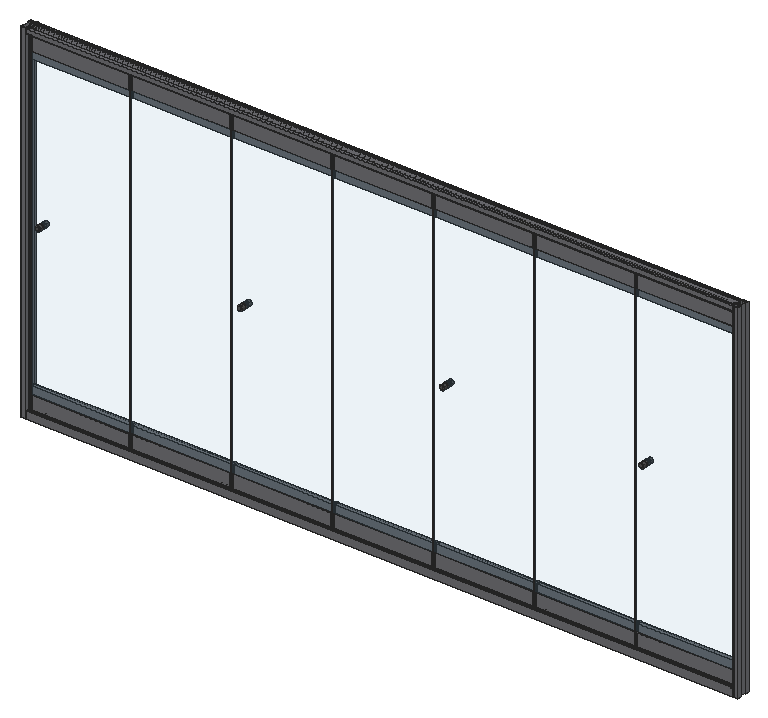
Revit family "QFL7 RH", category Doors, host Wall, Revit 2024
Family settings
  Host = Wall
  OmniClass Number = 23.30.10.00
  OmniClass Title = Doors
  Always vertical = Yes
  Cut with Voids When Loaded = No
  Shared = No
  Room Calculation Point = No
Parameters
  Function = Interior
  Frame Projection Ext. = 25 mm
  Frame Projection Int. = 25 mm
  Frame Width = 75 mm
  Height = 2098 mm
  Wall Closure = By host
  Width = 4305 mm
  Define Thermal Properties by = Schematic Type
  Analytic Construction = "<None>"
Reference planes
  plane 1: y = 0
  plane 2 "Center (Left/Right)": x = 0
  plane 3 "Left": x = -2152.5
  plane 4 "Right": x = 2152.5
  plane 5: z = 2098
  plane 6 "Exterior": y = 75
  plane 7 "Interior": y = -75
Forms (mm)
  Extrusion 1, solid, material "ALUMINIUM CHAR (TEST)"
    sketch origin (-0.37, 0, 0) x (1, 0, 0) y (0, 1, 0)
      loop
        line (2152.87, 37.5) -> (2122.87, 37.5) -> (2122.87, 34.4) -> (2123.87, 34.4) -> (2123.87, 35.9) -> (2125.37, 35.9) -> (2125.37, 28.3) -> (2123.87, 28.3) -> (2123.87, 29.8) -> (2122.87, 29.8) -> (2122.87, 1.2) -> (2123.87, 1.2) -> (2123.87, 2.7) -> (2125.37, 2.7) -> (2125.37, -4.9) -> (2123.87, -4.9) -> (2123.87, -3.4) -> (2122.87, -3.4) -> (2122.87, -13.1) -> (2118.87, -13.1) -> (2118.87, -11)
        arc (2118.87, -11) -> (2118.724, -10.646) -> (2118.37, -10.5) r 0.5
        line (2118.37, -10.5) -> (2115.62, -10.5) -> (2115.62, -11.5) -> (2117.22, -11.5) -> (2117.22, -13.1) -> (2109.52, -13.1) -> (2109.52, -11.5) -> (2111.12, -11.5) -> (2111.12, -10.5) -> (2108.37, -10.5)
        arc (2108.37, -10.5) -> (2108.017, -10.646) -> (2107.87, -11) r 0.5
        line (2107.87, -11) -> (2107.87, -14.4)
        arc (2107.87, -14.4) -> (2108.017, -14.754) -> (2108.37, -14.9) r 0.5
        line (2108.37, -14.9) -> (2122.87, -14.9) -> (2122.87, -37.5) -> (2152.87, -37.5) -> (2152.87, -22) -> (2151.37, -22) -> (2151.37, -24.5) -> (2148.37, -24.5) -> (2148.37, 24.5) -> (2151.37, 24.5) -> (2151.37, 22) -> (2152.87, 22) -> (2152.87, 37.5)
      loop
        line (2150.87, 26.3) -> (2150.87, 35.5) -> (2127.17, 35.5) -> (2127.17, 27.7)
        arc (2127.17, 27.7) -> (2126.877, 26.993) -> (2126.17, 26.7) r 1
        line (2126.17, 26.7) -> (2124.87, 26.7) -> (2124.87, 4.3) -> (2126.17, 4.3)
        arc (2126.17, 4.3) -> (2126.877, 4.007) -> (2127.17, 3.3) r 1
        line (2127.17, 3.3) -> (2127.17, -5.5)
        arc (2127.17, -5.5) -> (2126.877, -6.207) -> (2126.17, -6.5) r 1
        line (2126.17, -6.5) -> (2124.67, -6.5) -> (2124.67, -35.5) -> (2150.87, -35.5) -> (2150.87, -26.3) -> (2147.97, -26.3)
        arc (2147.97, -26.3) -> (2146.98, -25.89) -> (2146.57, -24.9) r 1.4
        line (2146.57, -24.9) -> (2146.57, 24.9)
        arc (2146.57, 24.9) -> (2146.98, 25.89) -> (2147.97, 26.3) r 1.4
        line (2147.97, 26.3) -> (2150.87, 26.3)
      loop
        line (-2152.13, 37.5) -> (-2152.13, 22) -> (-2150.63, 22) -> (-2150.63, 24.5) -> (-2147.63, 24.5) -> (-2147.63, -24.5) -> (-2150.63, -24.5) -> (-2150.63, -22) -> (-2152.13, -22) -> (-2152.13, -37.5) -> (-2122.13, -37.5) -> (-2122.13, -14.9) -> (-2107.63, -14.9)
        arc (-2107.63, -14.9) -> (-2107.276, -14.754) -> (-2107.13, -14.4) r 0.5
        line (-2107.13, -14.4) -> (-2107.13, -11)
        arc (-2107.13, -11) -> (-2107.276, -10.646) -> (-2107.63, -10.5) r 0.5
        line (-2107.63, -10.5) -> (-2110.38, -10.5) -> (-2110.38, -11.5) -> (-2108.78, -11.5) -> (-2108.78, -13.1) -> (-2116.48, -13.1) -> (-2116.48, -11.5) -> (-2114.88, -11.5) -> (-2114.88, -10.5) -> (-2117.63, -10.5)
        arc (-2117.63, -10.5) -> (-2117.983, -10.646) -> (-2118.13, -11) r 0.5
        line (-2118.13, -11) -> (-2118.13, -13.1) -> (-2122.13, -13.1) -> (-2122.13, -3.4) -> (-2123.13, -3.4) -> (-2123.13, -4.9) -> (-2124.63, -4.9) -> (-2124.63, 2.7) -> (-2123.13, 2.7) -> (-2123.13, 1.2) -> (-2122.13, 1.2) -> (-2122.13, 29.8) -> (-2123.13, 29.8) -> (-2123.13, 28.3) -> (-2124.63, 28.3) -> (-2124.63, 35.9) -> (-2123.13, 35.9) -> (-2123.13, 34.4) -> (-2122.13, 34.4) -> (-2122.13, 37.5) -> (-2152.13, 37.5)
      loop
        line (-2150.13, 26.3) -> (-2147.23, 26.3)
        arc (-2147.23, 26.3) -> (-2146.24, 25.89) -> (-2145.83, 24.9) r 1.4
        line (-2145.83, 24.9) -> (-2145.83, -24.9)
        arc (-2145.83, -24.9) -> (-2146.24, -25.89) -> (-2147.23, -26.3) r 1.4
        line (-2147.23, -26.3) -> (-2150.13, -26.3) -> (-2150.13, -35.5) -> (-2123.93, -35.5) -> (-2123.93, -6.5) -> (-2125.43, -6.5)
        arc (-2125.43, -6.5) -> (-2126.137, -6.207) -> (-2126.43, -5.5) r 1
        line (-2126.43, -5.5) -> (-2126.43, 3.3)
        arc (-2126.43, 3.3) -> (-2126.137, 4.007) -> (-2125.43, 4.3) r 1
        line (-2125.43, 4.3) -> (-2124.13, 4.3) -> (-2124.13, 26.7) -> (-2125.43, 26.7)
        arc (-2125.43, 26.7) -> (-2126.137, 26.993) -> (-2126.43, 27.7) r 1
        line (-2126.43, 27.7) -> (-2126.43, 35.5) -> (-2150.13, 35.5) -> (-2150.13, 26.3)
    from 0 to 2098
  Extrusion 2, solid, material "ALUMINIUM CHAR (TEST)"
    sketch origin (-942.37, 0, 0) x (0, -1, 0) y (0, 0, 1)
      loop
        line (-36.55, 18) -> (-36.55, 20.5) -> (-37.5, 20.5) -> (-37.5, 0) -> (-35.5, 0) -> (-35.5, 2) -> (-13.5, 2) -> (-13.5, 0) -> (-11.5, 0) -> (-11.5, 2) -> (10.5, 2) -> (10.5, 0) -> (12.5, 0) -> (12.5, 2) -> (35.5, 2) -> (35.5, 0) -> (37.5, 0) -> (37.5, 44.5)
        arc (37.5, 44.5) -> (37.354, 44.854) -> (37, 45) r 0.5
        line (37, 45) -> (32.199, 45) -> (31.492, 44.5) -> (26.524, 44.5) -> (25.817, 45) -> (22.199, 45) -> (21.492, 44.5) -> (16.524, 44.5) -> (15.817, 44.999) -> (11.001, 44.999)
        arc (11.001, 44.999) -> (10.648, 44.853) -> (10.502, 44.501) r 0.499
        line (10.502, 44.501) -> (10.502, 41.75) -> (11.5, 41.75) -> (11.5, 43.35) -> (13.1, 43.35) -> (13.1, 35.65) -> (11.5, 35.65) -> (11.5, 37.25) -> (10.5, 37.25) -> (10.5, 11.9)
        arc (10.5, 11.9) -> (10.061, 10.839) -> (9, 10.4) r 1.5
        line (9, 10.4) -> (3, 10.4)
        arc (3, 10.4) -> (1.939, 10.839) -> (1.5, 11.9) r 1.5
        line (1.5, 11.9) -> (1.5, 20)
        arc (1.5, 20) -> (0.851, 21.475) -> (-0.674, 21.992) r 2
        line (-0.674, 21.992) -> (-9.95, 20.504) -> (-9.95, 18) -> (-36.55, 18)
      loop
        line (10.5, 4.2) -> (10.5, 8.4) -> (3, 8.4)
        arc (3, 8.4) -> (0.525, 9.425) -> (-0.5, 11.9) r 3.5
        line (-0.5, 11.9) -> (-0.5, 20.057) -> (-7.95, 18.629) -> (-7.95, 16) -> (-35.5, 16) -> (-35.5, 4.2) -> (10.5, 4.2)
      loop
        line (12.5, 4.2) -> (35.5, 4.2) -> (35.5, 43) -> (15.1, 43) -> (15.1, 34) -> (12.5, 34) -> (12.5, 4.2)
      loop
        arc (-37.5, 2069) -> (-37.207, 2068.293) -> (-36.5, 2068) r 1
        line (-36.5, 2068) -> (-34.25, 2068) -> (-34.25, 2069) -> (-35.85, 2069) -> (-35.85, 2070.6) -> (-28.15, 2070.6) -> (-28.15, 2069) -> (-29.75, 2069) -> (-29.75, 2068) -> (-25.9, 2068)
        arc (-25.9, 2068) -> (-24.486, 2068.586) -> (-23.9, 2070) r 2
        line (-23.9, 2070) -> (-23.9, 2091.2)
        arc (-23.9, 2091.2) -> (-23.754, 2091.554) -> (-23.4, 2091.7) r 0.5
        line (-23.4, 2091.7) -> (-6.85, 2091.7) -> (-6.85, 2070)
        arc (-6.85, 2070) -> (-6.264, 2068.586) -> (-4.85, 2068) r 2
        line (-4.85, 2068) -> (13.1, 2068) -> (13.1, 2064) -> (11, 2064)
        arc (11, 2064) -> (10.646, 2063.854) -> (10.5, 2063.5) r 0.5
        line (10.5, 2063.5) -> (10.5, 2060.75) -> (11.5, 2060.75) -> (11.5, 2062.35) -> (13.1, 2062.35) -> (13.1, 2054.65) -> (11.5, 2054.65) -> (11.5, 2056.25) -> (10.5, 2056.25) -> (10.5, 2053.5)
        arc (10.5, 2053.5) -> (10.646, 2053.146) -> (11, 2053) r 0.5
        line (11, 2053) -> (14.4, 2053)
        arc (14.4, 2053) -> (14.754, 2053.146) -> (14.9, 2053.5) r 0.5
        line (14.9, 2053.5) -> (14.9, 2068) -> (36.5, 2068)
        arc (36.5, 2068) -> (37.207, 2068.293) -> (37.5, 2069) r 1
        line (37.5, 2069) -> (37.5, 2098) -> (22, 2098) -> (22, 2096.5) -> (24.5, 2096.5) -> (24.5, 2093.5) -> (-24.5, 2093.5) -> (-24.5, 2096.5) -> (-22, 2096.5) -> (-22, 2098) -> (-25.4, 2098)
        arc (-25.4, 2098) -> (-26.107, 2097.707) -> (-26.4, 2097) r 1
        line (-26.4, 2097) -> (-26.4, 2085.5)
        arc (-26.4, 2085.5) -> (-26.546, 2085.146) -> (-26.9, 2085) r 0.5
        line (-26.9, 2085) -> (-35, 2085)
        arc (-35, 2085) -> (-35.354, 2085.146) -> (-35.5, 2085.5) r 0.5
        line (-35.5, 2085.5) -> (-35.5, 2095.5)
        arc (-35.5, 2095.5) -> (-35.354, 2095.854) -> (-35, 2096) r 0.5
        line (-35, 2096) -> (-33.5, 2096) -> (-33.5, 2098) -> (-36.5, 2098)
        arc (-36.5, 2098) -> (-37.207, 2097.707) -> (-37.5, 2097) r 1
        line (-37.5, 2097) -> (-37.5, 2069)
      loop
        line (35.5, 2070) -> (35.5, 2096) -> (26.3, 2096) -> (26.3, 2093.1)
        arc (26.3, 2093.1) -> (25.89, 2092.11) -> (24.9, 2091.7) r 1.4
        line (24.9, 2091.7) -> (-4.85, 2091.7) -> (-4.85, 2070.5)
        arc (-4.85, 2070.5) -> (-4.704, 2070.146) -> (-4.35, 2070) r 0.5
        line (-4.35, 2070) -> (35.5, 2070)
      loop
        line (-26.4, 2072.2) -> (-26.4, 2082.5)
        arc (-26.4, 2082.5) -> (-26.546, 2082.854) -> (-26.9, 2083) r 0.5
        line (-26.9, 2083) -> (-35, 2083)
        arc (-35, 2083) -> (-35.354, 2082.854) -> (-35.5, 2082.5) r 0.5
        line (-35.5, 2082.5) -> (-35.5, 2072.2) -> (-26.4, 2072.2)
    from -3064.87 to 1179.13
  Extrusion 3, solid, material "ALUMINIUM CHAR (TEST)"
    sketch origin (2112.5, 0, 0) x (0, -1, 0) y (0, 0, 1)
      loop
        line (10.504, 2059) -> (8.704, 2059) -> (8.704, 2057) -> (5.604, 2057) -> (5.604, 2055.4) -> (8.754, 2055.4) -> (8.754, 2043.033) -> (8.2, 2041.985) -> (8.2, 2039) -> (-31.196, 2039) -> (-31.196, 2041.92) -> (-31.705, 2042.883) -> (-31.705, 2055.4) -> (-28.596, 2055.4) -> (-28.596, 2057) -> (-31.696, 2057) -> (-31.696, 2059) -> (-33.496, 2059) -> (-33.496, 1934) -> (-23.496, 1924) -> (2.504, 1924) -> (2.504, 1969) -> (10.504, 1969) -> (10.504, 2059)
      loop
        line (8.714, 1971) -> (8.714, 2037.2) -> (-31.705, 2037.2) -> (-31.705, 1935.038) -> (-22.467, 1925.8) -> (0.504, 1925.8) -> (0.504, 1971) -> (8.714, 1971)
      loop
        line (10.504, 31) -> (10.504, 121) -> (2.504, 121) -> (2.504, 166) -> (-23.496, 166) -> (-33.496, 156) -> (-33.496, 31) -> (-31.696, 31) -> (-31.696, 33) -> (-28.596, 33) -> (-28.596, 34.6) -> (-31.705, 34.6) -> (-31.705, 47.117) -> (-31.196, 48.08) -> (-31.196, 51) -> (8.2, 51) -> (8.2, 48.015) -> (8.754, 46.967) -> (8.754, 34.6) -> (5.604, 34.6) -> (5.604, 33) -> (8.704, 33) -> (8.704, 31) -> (10.504, 31)
      loop
        line (8.714, 119) -> (0.504, 119) -> (0.504, 164.2) -> (-22.467, 164.2) -> (-31.705, 154.962) -> (-31.705, 52.8) -> (8.714, 52.8) -> (8.714, 119)
    from -1 to 589
  Extrusion 4, solid, material "Glass"
    sketch origin (1478.5, 0, 0) x (0, -1, 0) y (0, 0, 1)
      loop
        line (2.504, 121) -> (10.504, 121) -> (10.504, 1969) -> (2.504, 1969) -> (2.504, 121)
    from -640 to -40
  Extrusion 5, solid, material "ALUMINIUM CHAR (TEST)"
    sketch origin (2113.5, 0, 0) x (0, -1, 0) y (0, 0, -1)
      loop
        line (-33.496, -156) -> (-23.496, -166) -> (2.504, -166) -> (2.504, -121) -> (10.504, -121) -> (10.504, -31) -> (5.604, -31) -> (5.604, -51) -> (-28.596, -51) -> (-28.596, -31) -> (-33.496, -31) -> (-33.496, -156)
      loop
        line (-33.496, -2059) -> (-28.596, -2059) -> (-28.596, -2039) -> (5.604, -2039) -> (5.604, -2059) -> (10.504, -2059) -> (10.504, -1969) -> (2.504, -1969) -> (2.504, -1924) -> (-23.496, -1924) -> (-33.496, -1934) -> (-33.496, -2059)
    from 0 to 5
  Extrusion 6, solid, material "ALUMINIUM CHAR (TEST)"
    sketch origin (1523.5, 0, 0) x (0, -1, 0) y (0, 0, 1)
      loop
        line (-33.496, 156) -> (-33.496, 31) -> (-28.596, 31) -> (-28.596, 51) -> (5.604, 51) -> (5.604, 31) -> (10.504, 31) -> (10.504, 121) -> (2.504, 121) -> (2.504, 166) -> (-23.496, 166) -> (-33.496, 156)
      loop
        line (-33.496, 2059) -> (-33.496, 1934) -> (-23.496, 1924) -> (2.504, 1924) -> (2.504, 1969) -> (10.504, 1969) -> (10.504, 2059) -> (5.604, 2059) -> (5.604, 2039) -> (-28.596, 2039) -> (-28.596, 2059) -> (-33.496, 2059)
    from 0 to 5
  Extrusion 7, solid, material "ALUMINIUM CHAR (TEST)"
    sketch origin (1506.5, 0, 0) x (0, -1, 0) y (0, 0, 1)
      loop
        line (10.504, 2059) -> (8.704, 2059) -> (8.704, 2057) -> (5.604, 2057) -> (5.604, 2055.4) -> (8.754, 2055.4) -> (8.754, 2043.033) -> (8.2, 2041.985) -> (8.2, 2039) -> (-31.196, 2039) -> (-31.196, 2041.92) -> (-31.705, 2042.883) -> (-31.705, 2055.4) -> (-28.596, 2055.4) -> (-28.596, 2057) -> (-31.696, 2057) -> (-31.696, 2059) -> (-33.496, 2059) -> (-33.496, 1934) -> (-23.496, 1924) -> (2.504, 1924) -> (2.504, 1969) -> (10.504, 1969) -> (10.504, 2059)
      loop
        line (8.714, 1971) -> (8.714, 2037.2) -> (-31.705, 2037.2) -> (-31.705, 1935.038) -> (-22.467, 1925.8) -> (0.504, 1925.8) -> (0.504, 1971) -> (8.714, 1971)
      loop
        line (10.504, 31) -> (10.504, 121) -> (2.504, 121) -> (2.504, 166) -> (-23.496, 166) -> (-33.496, 156) -> (-33.496, 31) -> (-31.696, 31) -> (-31.696, 33) -> (-28.596, 33) -> (-28.596, 34.6) -> (-31.705, 34.6) -> (-31.705, 47.117) -> (-31.196, 48.08) -> (-31.196, 51) -> (8.2, 51) -> (8.2, 48.015) -> (8.754, 46.967) -> (8.754, 34.6) -> (5.604, 34.6) -> (5.604, 33) -> (8.704, 33) -> (8.704, 31) -> (10.504, 31)
      loop
        line (8.714, 119) -> (0.504, 119) -> (0.504, 164.2) -> (-22.467, 164.2) -> (-31.705, 154.962) -> (-31.705, 52.8) -> (8.714, 52.8) -> (8.714, 119)
    from -1 to 589
  Extrusion 8, solid, material "Glass"
    sketch origin (872.5, 0, 0) x (0, -1, 0) y (0, 0, 1)
      loop
        line (2.504, 121) -> (10.504, 121) -> (10.504, 1969) -> (2.504, 1969) -> (2.504, 121)
    from -640 to -40
  Extrusion 9, solid, material "ALUMINIUM CHAR (TEST)"
    sketch origin (1507.5, 0, 0) x (0, -1, 0) y (0, 0, -1)
      loop
        line (-33.496, -156) -> (-23.496, -166) -> (2.504, -166) -> (2.504, -121) -> (10.504, -121) -> (10.504, -31) -> (5.604, -31) -> (5.604, -51) -> (-28.596, -51) -> (-28.596, -31) -> (-33.496, -31) -> (-33.496, -156)
      loop
        line (-33.496, -2059) -> (-28.596, -2059) -> (-28.596, -2039) -> (5.604, -2039) -> (5.604, -2059) -> (10.504, -2059) -> (10.504, -1969) -> (2.504, -1969) -> (2.504, -1924) -> (-23.496, -1924) -> (-33.496, -1934) -> (-33.496, -2059)
    from 0 to 5
  Extrusion 10, solid, material "ALUMINIUM CHAR (TEST)"
    sketch origin (917.5, 0, 0) x (0, -1, 0) y (0, 0, 1)
      loop
        line (-33.496, 156) -> (-33.496, 31) -> (-28.596, 31) -> (-28.596, 51) -> (5.604, 51) -> (5.604, 31) -> (10.504, 31) -> (10.504, 121) -> (2.504, 121) -> (2.504, 166) -> (-23.496, 166) -> (-33.496, 156)
      loop
        line (-33.496, 2059) -> (-33.496, 1934) -> (-23.496, 1924) -> (2.504, 1924) -> (2.504, 1969) -> (10.504, 1969) -> (10.504, 2059) -> (5.604, 2059) -> (5.604, 2039) -> (-28.596, 2039) -> (-28.596, 2059) -> (-33.496, 2059)
    from 0 to 5
  Revolve 11, solid, material "Metal, Powder Coated, Black"
    sketch origin (379, 140.744, 18.323) x (0, -1, 0) y (0, 0, -1)
      loop
        line (151.249, -1029.677) -> (151.249, -1044.677) -> (154.249, -1044.677) -> (159.249, -1039.677) -> (164.249, -1044.677) -> (180.249, -1044.677) -> (181.249, -1043.677) -> (181.249, -1029.677) -> (151.249, -1029.677)
      axis (181.249, -1029.677) -> (151.249, -1029.677)
    angle from 0 to 360
  Revolve 12, solid, material "Metal, Powder Coated, Black"
    sketch origin (379, -153.753, 311.459) x (0, 1, 0) y (0, 0, 1)
      loop
        line (151.249, 736.677) -> (181.249, 736.677) -> (181.249, 750.677) -> (180.249, 751.677) -> (164.249, 751.677) -> (159.249, 746.677) -> (154.249, 751.677) -> (151.249, 751.677) -> (151.249, 736.677)
      axis (181.249, 736.677) -> (151.249, 736.677)
    angle from 0 to 360
  Extrusion 13, solid, material "ALUMINIUM CHAR (TEST)"
    sketch origin (900.5, 0, 0) x (0, -1, 0) y (0, 0, 1)
      loop
        line (10.504, 2059) -> (8.704, 2059) -> (8.704, 2057) -> (5.604, 2057) -> (5.604, 2055.4) -> (8.754, 2055.4) -> (8.754, 2043.033) -> (8.2, 2041.985) -> (8.2, 2039) -> (-31.196, 2039) -> (-31.196, 2041.92) -> (-31.705, 2042.883) -> (-31.705, 2055.4) -> (-28.596, 2055.4) -> (-28.596, 2057) -> (-31.696, 2057) -> (-31.696, 2059) -> (-33.496, 2059) -> (-33.496, 1934) -> (-23.496, 1924) -> (2.504, 1924) -> (2.504, 1969) -> (10.504, 1969) -> (10.504, 2059)
      loop
        line (8.714, 1971) -> (8.714, 2037.2) -> (-31.705, 2037.2) -> (-31.705, 1935.038) -> (-22.467, 1925.8) -> (0.504, 1925.8) -> (0.504, 1971) -> (8.714, 1971)
      loop
        line (10.504, 31) -> (10.504, 121) -> (2.504, 121) -> (2.504, 166) -> (-23.496, 166) -> (-33.496, 156) -> (-33.496, 31) -> (-31.696, 31) -> (-31.696, 33) -> (-28.596, 33) -> (-28.596, 34.6) -> (-31.705, 34.6) -> (-31.705, 47.117) -> (-31.196, 48.08) -> (-31.196, 51) -> (8.2, 51) -> (8.2, 48.015) -> (8.754, 46.967) -> (8.754, 34.6) -> (5.604, 34.6) -> (5.604, 33) -> (8.704, 33) -> (8.704, 31) -> (10.504, 31)
      loop
        line (8.714, 119) -> (0.504, 119) -> (0.504, 164.2) -> (-22.467, 164.2) -> (-31.705, 154.962) -> (-31.705, 52.8) -> (8.714, 52.8) -> (8.714, 119)
    from -1 to 589
  Extrusion 14, solid, material "Glass"
    sketch origin (266.5, 0, 0) x (0, -1, 0) y (0, 0, 1)
      loop
        line (2.504, 121) -> (10.504, 121) -> (10.504, 1969) -> (2.504, 1969) -> (2.504, 121)
    from -640 to -40
  Extrusion 15, solid, material "ALUMINIUM CHAR (TEST)"
    sketch origin (901.5, 0, 0) x (0, -1, 0) y (0, 0, -1)
      loop
        line (-33.496, -156) -> (-23.496, -166) -> (2.504, -166) -> (2.504, -121) -> (10.504, -121) -> (10.504, -31) -> (5.604, -31) -> (5.604, -51) -> (-28.596, -51) -> (-28.596, -31) -> (-33.496, -31) -> (-33.496, -156)
      loop
        line (-33.496, -2059) -> (-28.596, -2059) -> (-28.596, -2039) -> (5.604, -2039) -> (5.604, -2059) -> (10.504, -2059) -> (10.504, -1969) -> (2.504, -1969) -> (2.504, -1924) -> (-23.496, -1924) -> (-33.496, -1934) -> (-33.496, -2059)
    from 0 to 5
  Extrusion 16, solid, material "ALUMINIUM CHAR (TEST)"
    sketch origin (311.5, 0, 0) x (0, -1, 0) y (0, 0, 1)
      loop
        line (-33.496, 156) -> (-33.496, 31) -> (-28.596, 31) -> (-28.596, 51) -> (5.604, 51) -> (5.604, 31) -> (10.504, 31) -> (10.504, 121) -> (2.504, 121) -> (2.504, 166) -> (-23.496, 166) -> (-33.496, 156)
      loop
        line (-33.496, 2059) -> (-33.496, 1934) -> (-23.496, 1924) -> (2.504, 1924) -> (2.504, 1969) -> (10.504, 1969) -> (10.504, 2059) -> (5.604, 2059) -> (5.604, 2039) -> (-28.596, 2039) -> (-28.596, 2059) -> (-33.496, 2059)
    from 0 to 5
  Extrusion 17, solid, material "ALUMINIUM CHAR (TEST)"
    sketch origin (294.5, 0, 0) x (0, -1, 0) y (0, 0, 1)
      loop
        line (10.504, 2059) -> (8.704, 2059) -> (8.704, 2057) -> (5.604, 2057) -> (5.604, 2055.4) -> (8.754, 2055.4) -> (8.754, 2043.033) -> (8.2, 2041.985) -> (8.2, 2039) -> (-31.196, 2039) -> (-31.196, 2041.92) -> (-31.705, 2042.883) -> (-31.705, 2055.4) -> (-28.596, 2055.4) -> (-28.596, 2057) -> (-31.696, 2057) -> (-31.696, 2059) -> (-33.496, 2059) -> (-33.496, 1934) -> (-23.496, 1924) -> (2.504, 1924) -> (2.504, 1969) -> (10.504, 1969) -> (10.504, 2059)
      loop
        line (8.714, 1971) -> (8.714, 2037.2) -> (-31.705, 2037.2) -> (-31.705, 1935.038) -> (-22.467, 1925.8) -> (0.504, 1925.8) -> (0.504, 1971) -> (8.714, 1971)
      loop
        line (10.504, 31) -> (10.504, 121) -> (2.504, 121) -> (2.504, 166) -> (-23.496, 166) -> (-33.496, 156) -> (-33.496, 31) -> (-31.696, 31) -> (-31.696, 33) -> (-28.596, 33) -> (-28.596, 34.6) -> (-31.705, 34.6) -> (-31.705, 47.117) -> (-31.196, 48.08) -> (-31.196, 51) -> (8.2, 51) -> (8.2, 48.015) -> (8.754, 46.967) -> (8.754, 34.6) -> (5.604, 34.6) -> (5.604, 33) -> (8.704, 33) -> (8.704, 31) -> (10.504, 31)
      loop
        line (8.714, 119) -> (0.504, 119) -> (0.504, 164.2) -> (-22.467, 164.2) -> (-31.705, 154.962) -> (-31.705, 52.8) -> (8.714, 52.8) -> (8.714, 119)
    from -1 to 589
  Extrusion 18, solid, material "Glass"
    sketch origin (-339.5, 0, 0) x (0, -1, 0) y (0, 0, 1)
      loop
        line (2.504, 121) -> (10.504, 121) -> (10.504, 1969) -> (2.504, 1969) -> (2.504, 121)
    from -640 to -40
  Extrusion 19, solid, material "ALUMINIUM CHAR (TEST)"
    sketch origin (295.5, 0, 0) x (0, -1, 0) y (0, 0, -1)
      loop
        line (-33.496, -156) -> (-23.496, -166) -> (2.504, -166) -> (2.504, -121) -> (10.504, -121) -> (10.504, -31) -> (5.604, -31) -> (5.604, -51) -> (-28.596, -51) -> (-28.596, -31) -> (-33.496, -31) -> (-33.496, -156)
      loop
        line (-33.496, -2059) -> (-28.596, -2059) -> (-28.596, -2039) -> (5.604, -2039) -> (5.604, -2059) -> (10.504, -2059) -> (10.504, -1969) -> (2.504, -1969) -> (2.504, -1924) -> (-23.496, -1924) -> (-33.496, -1934) -> (-33.496, -2059)
    from 0 to 5
  Extrusion 20, solid, material "ALUMINIUM CHAR (TEST)"
    sketch origin (-294.5, 0, 0) x (0, -1, 0) y (0, 0, 1)
      loop
        line (-33.496, 156) -> (-33.496, 31) -> (-28.596, 31) -> (-28.596, 51) -> (5.604, 51) -> (5.604, 31) -> (10.504, 31) -> (10.504, 121) -> (2.504, 121) -> (2.504, 166) -> (-23.496, 166) -> (-33.496, 156)
      loop
        line (-33.496, 2059) -> (-33.496, 1934) -> (-23.496, 1924) -> (2.504, 1924) -> (2.504, 1969) -> (10.504, 1969) -> (10.504, 2059) -> (5.604, 2059) -> (5.604, 2039) -> (-28.596, 2039) -> (-28.596, 2059) -> (-33.496, 2059)
    from 0 to 5
  Revolve 21, solid, material "Metal, Powder Coated, Black"
    sketch origin (-833, 140.744, 18.323) x (0, -1, 0) y (0, 0, -1)
      loop
        line (151.249, -1029.677) -> (151.249, -1044.677) -> (154.249, -1044.677) -> (159.249, -1039.677) -> (164.249, -1044.677) -> (180.249, -1044.677) -> (181.249, -1043.677) -> (181.249, -1029.677) -> (151.249, -1029.677)
      axis (181.249, -1029.677) -> (151.249, -1029.677)
    angle from 0 to 360
  Revolve 22, solid, material "Metal, Powder Coated, Black"
    sketch origin (-833, -153.753, 311.459) x (0, 1, 0) y (0, 0, 1)
      loop
        line (151.249, 736.677) -> (181.249, 736.677) -> (181.249, 750.677) -> (180.249, 751.677) -> (164.249, 751.677) -> (159.249, 746.677) -> (154.249, 751.677) -> (151.249, 751.677) -> (151.249, 736.677)
      axis (181.249, 736.677) -> (151.249, 736.677)
    angle from 0 to 360
  Extrusion 23, solid, material "ALUMINIUM CHAR (TEST)"
    sketch origin (-311.5, 0, 0) x (0, -1, 0) y (0, 0, 1)
      loop
        line (10.504, 2059) -> (8.704, 2059) -> (8.704, 2057) -> (5.604, 2057) -> (5.604, 2055.4) -> (8.754, 2055.4) -> (8.754, 2043.033) -> (8.2, 2041.985) -> (8.2, 2039) -> (-31.196, 2039) -> (-31.196, 2041.92) -> (-31.705, 2042.883) -> (-31.705, 2055.4) -> (-28.596, 2055.4) -> (-28.596, 2057) -> (-31.696, 2057) -> (-31.696, 2059) -> (-33.496, 2059) -> (-33.496, 1934) -> (-23.496, 1924) -> (2.504, 1924) -> (2.504, 1969) -> (10.504, 1969) -> (10.504, 2059)
      loop
        line (8.714, 1971) -> (8.714, 2037.2) -> (-31.705, 2037.2) -> (-31.705, 1935.038) -> (-22.467, 1925.8) -> (0.504, 1925.8) -> (0.504, 1971) -> (8.714, 1971)
      loop
        line (10.504, 31) -> (10.504, 121) -> (2.504, 121) -> (2.504, 166) -> (-23.496, 166) -> (-33.496, 156) -> (-33.496, 31) -> (-31.696, 31) -> (-31.696, 33) -> (-28.596, 33) -> (-28.596, 34.6) -> (-31.705, 34.6) -> (-31.705, 47.117) -> (-31.196, 48.08) -> (-31.196, 51) -> (8.2, 51) -> (8.2, 48.015) -> (8.754, 46.967) -> (8.754, 34.6) -> (5.604, 34.6) -> (5.604, 33) -> (8.704, 33) -> (8.704, 31) -> (10.504, 31)
      loop
        line (8.714, 119) -> (0.504, 119) -> (0.504, 164.2) -> (-22.467, 164.2) -> (-31.705, 154.962) -> (-31.705, 52.8) -> (8.714, 52.8) -> (8.714, 119)
    from -1 to 589
  Extrusion 24, solid, material "Glass"
    sketch origin (-945.5, 0, 0) x (0, -1, 0) y (0, 0, 1)
      loop
        line (2.504, 121) -> (10.504, 121) -> (10.504, 1969) -> (2.504, 1969) -> (2.504, 121)
    from -640 to -40
  Extrusion 25, solid, material "ALUMINIUM CHAR (TEST)"
    sketch origin (-310.5, 0, 0) x (0, -1, 0) y (0, 0, -1)
      loop
        line (-33.496, -156) -> (-23.496, -166) -> (2.504, -166) -> (2.504, -121) -> (10.504, -121) -> (10.504, -31) -> (5.604, -31) -> (5.604, -51) -> (-28.596, -51) -> (-28.596, -31) -> (-33.496, -31) -> (-33.496, -156)
      loop
        line (-33.496, -2059) -> (-28.596, -2059) -> (-28.596, -2039) -> (5.604, -2039) -> (5.604, -2059) -> (10.504, -2059) -> (10.504, -1969) -> (2.504, -1969) -> (2.504, -1924) -> (-23.496, -1924) -> (-33.496, -1934) -> (-33.496, -2059)
    from 0 to 5
  Extrusion 26, solid, material "ALUMINIUM CHAR (TEST)"
    sketch origin (-900.5, 0, 0) x (0, -1, 0) y (0, 0, 1)
      loop
        line (-33.496, 156) -> (-33.496, 31) -> (-28.596, 31) -> (-28.596, 51) -> (5.604, 51) -> (5.604, 31) -> (10.504, 31) -> (10.504, 121) -> (2.504, 121) -> (2.504, 166) -> (-23.496, 166) -> (-33.496, 156)
      loop
        line (-33.496, 2059) -> (-33.496, 1934) -> (-23.496, 1924) -> (2.504, 1924) -> (2.504, 1969) -> (10.504, 1969) -> (10.504, 2059) -> (5.604, 2059) -> (5.604, 2039) -> (-28.596, 2039) -> (-28.596, 2059) -> (-33.496, 2059)
    from 0 to 5
  Extrusion 27, solid, material "ALUMINIUM CHAR (TEST)"
    sketch origin (-917.5, 0, 0) x (0, -1, 0) y (0, 0, 1)
      loop
        line (10.504, 2059) -> (8.704, 2059) -> (8.704, 2057) -> (5.604, 2057) -> (5.604, 2055.4) -> (8.754, 2055.4) -> (8.754, 2043.033) -> (8.2, 2041.985) -> (8.2, 2039) -> (-31.196, 2039) -> (-31.196, 2041.92) -> (-31.705, 2042.883) -> (-31.705, 2055.4) -> (-28.596, 2055.4) -> (-28.596, 2057) -> (-31.696, 2057) -> (-31.696, 2059) -> (-33.496, 2059) -> (-33.496, 1934) -> (-23.496, 1924) -> (2.504, 1924) -> (2.504, 1969) -> (10.504, 1969) -> (10.504, 2059)
      loop
        line (8.714, 1971) -> (8.714, 2037.2) -> (-31.705, 2037.2) -> (-31.705, 1935.038) -> (-22.467, 1925.8) -> (0.504, 1925.8) -> (0.504, 1971) -> (8.714, 1971)
      loop
        line (10.504, 31) -> (10.504, 121) -> (2.504, 121) -> (2.504, 166) -> (-23.496, 166) -> (-33.496, 156) -> (-33.496, 31) -> (-31.696, 31) -> (-31.696, 33) -> (-28.596, 33) -> (-28.596, 34.6) -> (-31.705, 34.6) -> (-31.705, 47.117) -> (-31.196, 48.08) -> (-31.196, 51) -> (8.2, 51) -> (8.2, 48.015) -> (8.754, 46.967) -> (8.754, 34.6) -> (5.604, 34.6) -> (5.604, 33) -> (8.704, 33) -> (8.704, 31) -> (10.504, 31)
      loop
        line (8.714, 119) -> (0.504, 119) -> (0.504, 164.2) -> (-22.467, 164.2) -> (-31.705, 154.962) -> (-31.705, 52.8) -> (8.714, 52.8) -> (8.714, 119)
    from -1 to 589
  Extrusion 28, solid, material "Glass"
    sketch origin (-1551.5, 0, 0) x (0, -1, 0) y (0, 0, 1)
      loop
        line (2.504, 121) -> (10.504, 121) -> (10.504, 1969) -> (2.504, 1969) -> (2.504, 121)
    from -640 to -40
  Extrusion 29, solid, material "ALUMINIUM CHAR (TEST)"
    sketch origin (-916.5, 0, 0) x (0, -1, 0) y (0, 0, -1)
      loop
        line (-33.496, -156) -> (-23.496, -166) -> (2.504, -166) -> (2.504, -121) -> (10.504, -121) -> (10.504, -31) -> (5.604, -31) -> (5.604, -51) -> (-28.596, -51) -> (-28.596, -31) -> (-33.496, -31) -> (-33.496, -156)
      loop
        line (-33.496, -2059) -> (-28.596, -2059) -> (-28.596, -2039) -> (5.604, -2039) -> (5.604, -2059) -> (10.504, -2059) -> (10.504, -1969) -> (2.504, -1969) -> (2.504, -1924) -> (-23.496, -1924) -> (-33.496, -1934) -> (-33.496, -2059)
    from 0 to 5
  Extrusion 30, solid, material "ALUMINIUM CHAR (TEST)"
    sketch origin (-1506.5, 0, 0) x (0, -1, 0) y (0, 0, 1)
      loop
        line (-33.496, 156) -> (-33.496, 31) -> (-28.596, 31) -> (-28.596, 51) -> (5.604, 51) -> (5.604, 31) -> (10.504, 31) -> (10.504, 121) -> (2.504, 121) -> (2.504, 166) -> (-23.496, 166) -> (-33.496, 156)
      loop
        line (-33.496, 2059) -> (-33.496, 1934) -> (-23.496, 1924) -> (2.504, 1924) -> (2.504, 1969) -> (10.504, 1969) -> (10.504, 2059) -> (5.604, 2059) -> (5.604, 2039) -> (-28.596, 2039) -> (-28.596, 2059) -> (-33.496, 2059)
    from 0 to 5
  Revolve 31, solid, material "Metal, Powder Coated, Black"
    sketch origin (-2045, 140.744, 18.323) x (0, -1, 0) y (0, 0, -1)
      loop
        line (151.249, -1029.677) -> (151.249, -1044.677) -> (154.249, -1044.677) -> (159.249, -1039.677) -> (164.249, -1044.677) -> (180.249, -1044.677) -> (181.249, -1043.677) -> (181.249, -1029.677) -> (151.249, -1029.677)
      axis (181.249, -1029.677) -> (151.249, -1029.677)
    angle from 0 to 360
  Revolve 32, solid, material "Metal, Powder Coated, Black"
    sketch origin (-2045, -153.753, 311.459) x (0, 1, 0) y (0, 0, 1)
      loop
        line (151.249, 736.677) -> (181.249, 736.677) -> (181.249, 750.677) -> (180.249, 751.677) -> (164.249, 751.677) -> (159.249, 746.677) -> (154.249, 751.677) -> (151.249, 751.677) -> (151.249, 736.677)
      axis (181.249, 736.677) -> (151.249, 736.677)
    angle from 0 to 360
  Extrusion 33, solid, material "ALUMINIUM CHAR (TEST)"
    sketch origin (-1523.5, 0, 0) x (0, -1, 0) y (0, 0, 1)
      loop
        line (10.504, 2059) -> (8.704, 2059) -> (8.704, 2057) -> (5.604, 2057) -> (5.604, 2055.4) -> (8.754, 2055.4) -> (8.754, 2043.033) -> (8.2, 2041.985) -> (8.2, 2039) -> (-31.196, 2039) -> (-31.196, 2041.92) -> (-31.705, 2042.883) -> (-31.705, 2055.4) -> (-28.596, 2055.4) -> (-28.596, 2057) -> (-31.696, 2057) -> (-31.696, 2059) -> (-33.496, 2059) -> (-33.496, 1934) -> (-23.496, 1924) -> (2.504, 1924) -> (2.504, 1969) -> (10.504, 1969) -> (10.504, 2059)
      loop
        line (8.714, 1971) -> (8.714, 2037.2) -> (-31.705, 2037.2) -> (-31.705, 1935.038) -> (-22.467, 1925.8) -> (0.504, 1925.8) -> (0.504, 1971) -> (8.714, 1971)
      loop
        line (10.504, 31) -> (10.504, 121) -> (2.504, 121) -> (2.504, 166) -> (-23.496, 166) -> (-33.496, 156) -> (-33.496, 31) -> (-31.696, 31) -> (-31.696, 33) -> (-28.596, 33) -> (-28.596, 34.6) -> (-31.705, 34.6) -> (-31.705, 47.117) -> (-31.196, 48.08) -> (-31.196, 51) -> (8.2, 51) -> (8.2, 48.015) -> (8.754, 46.967) -> (8.754, 34.6) -> (5.604, 34.6) -> (5.604, 33) -> (8.704, 33) -> (8.704, 31) -> (10.504, 31)
      loop
        line (8.714, 119) -> (0.504, 119) -> (0.504, 164.2) -> (-22.467, 164.2) -> (-31.705, 154.962) -> (-31.705, 52.8) -> (8.714, 52.8) -> (8.714, 119)
    from -1 to 589
  Extrusion 34, solid, material "Glass"
    sketch origin (-2157.5, 0, 0) x (0, -1, 0) y (0, 0, 1)
      loop
        line (2.504, 121) -> (10.504, 121) -> (10.504, 1969) -> (2.504, 1969) -> (2.504, 121)
    from -640 to -40
  Extrusion 35, solid, material "ALUMINIUM CHAR (TEST)"
    sketch origin (-1522.5, 0, 0) x (0, -1, 0) y (0, 0, -1)
      loop
        line (-33.496, -156) -> (-23.496, -166) -> (2.504, -166) -> (2.504, -121) -> (10.504, -121) -> (10.504, -31) -> (5.604, -31) -> (5.604, -51) -> (-28.596, -51) -> (-28.596, -31) -> (-33.496, -31) -> (-33.496, -156)
      loop
        line (-33.496, -2059) -> (-28.596, -2059) -> (-28.596, -2039) -> (5.604, -2039) -> (5.604, -2059) -> (10.504, -2059) -> (10.504, -1969) -> (2.504, -1969) -> (2.504, -1924) -> (-23.496, -1924) -> (-33.496, -1934) -> (-33.496, -2059)
    from 0 to 5
  Extrusion 36, solid, material "ALUMINIUM CHAR (TEST)"
    sketch origin (-2112.5, 0, 0) x (0, -1, 0) y (0, 0, 1)
      loop
        line (-33.496, 156) -> (-33.496, 31) -> (-28.596, 31) -> (-28.596, 51) -> (5.604, 51) -> (5.604, 31) -> (10.504, 31) -> (10.504, 121) -> (2.504, 121) -> (2.504, 166) -> (-23.496, 166) -> (-33.496, 156)
      loop
        line (-33.496, 2059) -> (-33.496, 1934) -> (-23.496, 1924) -> (2.504, 1924) -> (2.504, 1969) -> (10.504, 1969) -> (10.504, 2059) -> (5.604, 2059) -> (5.604, 2039) -> (-28.596, 2039) -> (-28.596, 2059) -> (-33.496, 2059)
    from 0 to 5
  Revolve 37, solid, material "Metal, Powder Coated, Black"
    sketch origin (1574, 140.744, 18.323) x (0, -1, 0) y (0, 0, -1)
      loop
        line (151.249, -1029.677) -> (151.249, -1044.677) -> (154.249, -1044.677) -> (159.249, -1039.677) -> (164.249, -1044.677) -> (180.249, -1044.677) -> (181.249, -1043.677) -> (181.249, -1029.677) -> (151.249, -1029.677)
      axis (181.249, -1029.677) -> (151.249, -1029.677)
    angle from 0 to 360
  Revolve 38, solid, material "Metal, Powder Coated, Black"
    sketch origin (1574, -153.753, 311.459) x (0, 1, 0) y (0, 0, 1)
      loop
        line (151.249, 736.677) -> (181.249, 736.677) -> (181.249, 750.677) -> (180.249, 751.677) -> (164.249, 751.677) -> (159.249, 746.677) -> (154.249, 751.677) -> (151.249, 751.677) -> (151.249, 736.677)
      axis (181.249, 736.677) -> (151.249, 736.677)
    angle from 0 to 360
Lines and regions (mm)
  Opening 1
    outline origin (-3050, -75, 0) x (1, 0, 0) y (0, 0, 1)
      loop
        line (897.5, 0) -> (5202.5, 0) -> (5202.5, 2098) -> (897.5, 2098) -> (897.5, 0)
  model lines
    curve 1: line (1673.028, 75, 1049) -> (1848.028, 75, 1049)
    curve 2: line (1987.106, 75, 1049) -> (1848.028, 75, 1105.191)
    curve 3: line (1848.028, 75, 1105.191) -> (1848.028, 75, 992.809)
    curve 4: line (1987.106, 75, 1049) -> (1848.028, 75, 992.809)
    curve 5: line (1067.028, 75, 1049) -> (1242.028, 75, 1049)
    curve 6: line (1381.106, 75, 1049) -> (1242.028, 75, 1105.191)
    curve 7: line (1242.028, 75, 1105.191) -> (1242.028, 75, 992.809)
    curve 8: line (1381.106, 75, 1049) -> (1242.028, 75, 992.809)
    curve 9: line (461.028, 75, 1049) -> (636.028, 75, 1049)
    curve 10: line (775.106, 75, 1049) -> (636.028, 75, 1105.191)
    curve 11: line (636.028, 75, 1105.191) -> (636.028, 75, 992.809)
    curve 12: line (775.106, 75, 1049) -> (636.028, 75, 992.809)
    curve 13: line (-144.972, 75, 1049) -> (30.028, 75, 1049)
    curve 14: line (169.106, 75, 1049) -> (30.028, 75, 1105.191)
    curve 15: line (30.028, 75, 1105.191) -> (30.028, 75, 992.809)
    curve 16: line (169.106, 75, 1049) -> (30.028, 75, 992.809)
    curve 17: line (-750.972, 75, 1049) -> (-575.972, 75, 1049)
    curve 18: line (-436.894, 75, 1049) -> (-575.972, 75, 1105.191)
    curve 19: line (-575.972, 75, 1105.191) -> (-575.972, 75, 992.809)
    curve 20: line (-436.894, 75, 1049) -> (-575.972, 75, 992.809)
    curve 21: line (-1356.972, 75, 1049) -> (-1181.972, 75, 1049)
    curve 22: line (-1042.894, 75, 1049) -> (-1181.972, 75, 1105.191)
    curve 23: line (-1181.972, 75, 1105.191) -> (-1181.972, 75, 992.809)
    curve 24: line (-1042.894, 75, 1049) -> (-1181.972, 75, 992.809)
    curve 25: line (-1962.972, 75, 1049) -> (-1787.972, 75, 1049)
    curve 26: line (-1648.894, 75, 1049) -> (-1787.972, 75, 1105.191)
    curve 27: line (-1787.972, 75, 1105.191) -> (-1787.972, 75, 992.809)
    curve 28: line (-1648.894, 75, 1049) -> (-1787.972, 75, 992.809)
    curve 29: line (2127.89, 59.5, 0) -> (1855.605, 531.111, 0)
    curve 30: line (2089.785, 37.5, 0) -> (1817.5, 509.111, 0)
    curve 31: line (1817.5, 509.111, 0) -> (1545.215, 37.5, 0)
    curve 32: line (1779.395, 531.111, 0) -> (1507.11, 59.5, 0)
    curve 33: line (1817.5, 509.111, 0) -> (1855.605, 531.111, 0)
    curve 34: line (1817.5, 509.111, 0) -> (1779.395, 531.111, 0)
    curve 35: line (2089.785, 37.5, 0) -> (2127.89, 59.5, 0)
    curve 36: line (1545.215, 37.5, 0) -> (1507.11, 59.5, 0)
    curve 37: line (1196.72, 509.111, 0) -> (1469.005, 37.5, 0)
    curve 38: line (1234.826, 531.111, 0) -> (1507.11, 59.5, 0)
    curve 39: line (1196.72, 509.111, 0) -> (1234.826, 531.111, 0)
    curve 40: line (1469.005, 37.5, 0) -> (1507.11, 59.5, 0)
    curve 41: line (575.941, 509.111, 0) -> (848.226, 37.5, 0)
    curve 42: line (614.046, 531.111, 0) -> (886.331, 59.5, 0)
    curve 43: line (575.941, 509.111, 0) -> (614.046, 531.111, 0)
    curve 44: line (848.226, 37.5, 0) -> (886.331, 59.5, 0)
    curve 45: line (1196.72, 509.111, 0) -> (924.436, 37.5, 0)
    curve 46: line (1158.615, 531.111, 0) -> (886.331, 59.5, 0)
    curve 47: line (1196.72, 509.111, 0) -> (1158.615, 531.111, 0)
    curve 48: line (924.436, 37.5, 0) -> (886.331, 59.5, 0)
    curve 49: line (575.941, 509.111, 0) -> (303.656, 37.5, 0)
    curve 50: line (537.836, 531.111, 0) -> (265.551, 59.5, 0)
    curve 51: line (575.941, 509.111, 0) -> (537.836, 531.111, 0)
    curve 52: line (303.656, 37.5, 0) -> (265.551, 59.5, 0)
    curve 53: line (-44.839, 509.111, 0) -> (227.446, 37.5, 0)
    curve 54: line (-6.734, 531.111, 0) -> (265.551, 59.5, 0)
    curve 55: line (-44.839, 509.111, 0) -> (-6.734, 531.111, 0)
    curve 56: line (227.446, 37.5, 0) -> (265.551, 59.5, 0)
Text (mm)
  text "Exterior" at (-2295.016, 1099.543, 0), in view "Ref. Level"
  text "Exterior" at (0, 1615.38, 3698.081), in view "Left"
  text "Exterior" at (0, 1036.032, 3874.932), in view "Right"
Dimensions and locks
  equal spacing: plane 3 "Left", plane 2 "Center (Left/Right)", plane 4 "Right"
  "Width": plane 3 "Left" to plane 4 "Right"
  "Height": plane 5 to host wall
  host wall to plane 5 = 2098 mm  (x2)
  locked: plane 6 "Exterior" to host wall
  locked: plane 7 "Interior" to host wall
  plane 3 "Left" to plane 4 "Right" = 4305 mm
  aligned and locked: plane 3 "Left" to Opening 1 sketch curve
  aligned and locked: plane 5 to Opening 1 sketch curve  (x2)
  aligned and locked: Opening 1 sketch curve to plane 4 "Right"
  aligned and locked: Opening 1 sketch curve to level
  aligned and locked: host wall to plane 1
Automatic sketch dimensions
  Extrusion 1 sketch curve to plane 3 "Left" = 0 mm  (x2)
  Extrusion 1 sketch curve to plane 4 "Right" = 0 mm  (x2)
  Extrusion 1 sketch curve to plane 3 "Left" = 1.5 mm
  Extrusion 1 sketch curve to Extrusion 1 sketch curve = 1.5 mm  (x14)
  Extrusion 1 sketch curve to Extrusion 1 sketch curve = 0.5 mm  (x9)
  Extrusion 1 sketch curve to plane 3 "Left" = 2 mm
  Extrusion 1 sketch curve to Extrusion 1 sketch curve = 3 mm
  Extrusion 1 sketch curve to Extrusion 1 sketch curve = 0.4 mm  (x7)
  Extrusion 1 sketch curve to Extrusion 1 sketch curve = 1.4 mm  (x3)
  Extrusion 1 sketch curve to Extrusion 1 sketch curve = 19.4 mm
  Extrusion 1 sketch curve to host wall = 3.3 mm
  Extrusion 1 sketch curve to Extrusion 1 sketch curve = 0 mm  (x3)
  Extrusion 1 sketch curve to Extrusion 1 sketch curve = 1 mm  (x13)
  Extrusion 1 sketch curve to Extrusion 1 sketch curve = 0.8 mm  (x3)
  Extrusion 1 sketch curve to Extrusion 1 sketch curve = 1.3 mm  (x4)
  Extrusion 1 sketch curve to Extrusion 1 sketch curve = 21.9 mm
  Extrusion 1 sketch curve to Extrusion 1 sketch curve = 1.8 mm  (x6)
  Extrusion 1 sketch curve to Extrusion 1 sketch curve = 4 mm  (x2)
  Extrusion 1 sketch curve to Extrusion 1 sketch curve = 1.15 mm  (x5)
  Extrusion 1 sketch curve to Extrusion 1 sketch curve = 1.6 mm  (x10)
  Extrusion 1 sketch curve to Extrusion 1 sketch curve = 4.5 mm  (x3)
  host wall to Extrusion 1 sketch curve = 14.4 mm
  plane 4 "Right" to Extrusion 1 sketch curve = 45 mm
  Extrusion 1 sketch curve to Extrusion 1 sketch curve = 1.65 mm
  plane 4 "Right" to Extrusion 1 sketch curve = 30 mm
  Extrusion 1 sketch curve to host wall = 1.2 mm  (x2)
  plane 4 "Right" to Extrusion 1 sketch curve = 6.3 mm
  plane 4 "Right" to Extrusion 1 sketch curve = 2 mm  (x2)
  plane 4 "Right" to Extrusion 1 sketch curve = 1.5 mm  (x2)
  host wall to Extrusion 1 sketch curve = 22 mm  (x2)
  Extrusion 1 sketch curve to Extrusion 1 sketch curve = 2.5 mm  (x4)
  Extrusion 1 sketch curve to Extrusion 1 sketch curve = 9.2 mm  (x2)
  Extrusion 1 sketch curve to Extrusion 1 sketch curve = 20.6 mm
  Extrusion 1 sketch curve to Extrusion 1 sketch curve = 2 mm  (x4)
  host wall to Extrusion 1 sketch curve = 14.9 mm
  host wall to Extrusion 1 sketch curve = 6.5 mm  (x2)
  Extrusion 1 sketch curve to Extrusion 1 sketch curve = 0.6 mm  (x4)
  Extrusion 1 sketch curve to host wall = 22 mm  (x2)
  Extrusion 1 sketch curve to Extrusion 1 sketch curve = 4.6 mm  (x2)
  Extrusion 1 sketch curve to Extrusion 1 sketch curve = 1.1 mm
  Extrusion 2 sketch curve to Extrusion 2 sketch curve = 0 mm  (x12)
  Extrusion 2 sketch curve to level = 0 mm  (x4)
  plane 5 to Extrusion 2 sketch curve = 0 mm  (x3)
  Extrusion 2 sketch curve to host wall = 37.5 mm  (x2)
  plane 5 to Extrusion 2 sketch curve = 29 mm
  Extrusion 2 sketch curve to Extrusion 2 sketch curve = 0.95 mm
  Extrusion 2 sketch curve to Extrusion 2 sketch curve = 1 mm  (x12)
  Extrusion 2 sketch curve to Extrusion 2 sketch curve = 0.65 mm
  Extrusion 2 sketch curve to Extrusion 2 sketch curve = 0.35 mm  (x2)
  Extrusion 2 sketch curve to Extrusion 2 sketch curve = 1.05 mm
  Extrusion 2 sketch curve to Extrusion 2 sketch curve = 2 mm  (x9)
  Extrusion 2 sketch curve to Extrusion 2 sketch curve = 0.5 mm  (x13)
  Extrusion 2 sketch curve to Extrusion 2 sketch curve = 1.6 mm  (x9)
  Extrusion 2 sketch curve to Extrusion 2 sketch curve = 1.5 mm  (x8)
  Extrusion 2 sketch curve to Extrusion 2 sketch curve = 4.5 mm  (x3)
  Extrusion 2 sketch curve to Extrusion 2 sketch curve = 8.1 mm  (x2)
  Extrusion 2 sketch curve to Extrusion 2 sketch curve = 0.9 mm
  Extrusion 2 sketch curve to Extrusion 2 sketch curve = 0.6 mm
  Extrusion 2 sketch curve to Extrusion 2 sketch curve = 2.5 mm  (x3)
  level to Extrusion 2 sketch curve = 2 mm  (x3)
  Extrusion 2 sketch curve to host wall = 13.5 mm
  Extrusion 2 sketch curve to host wall = 9.95 mm
  Extrusion 2 sketch curve to host wall = 6.85 mm
  Extrusion 2 sketch curve to host wall = 0.674 mm
  Extrusion 2 sketch curve to host wall = 0.5 mm
  host wall to Extrusion 2 sketch curve = 1.5 mm
  Extrusion 2 sketch curve to Extrusion 2 sketch curve = 6 mm
  host wall to Extrusion 2 sketch curve = 10.5 mm  (x2)
  Extrusion 2 sketch curve to Extrusion 2 sketch curve = 0.002 mm
  Extrusion 2 sketch curve to Extrusion 2 sketch curve = 0.499 mm
  Extrusion 2 sketch curve to Extrusion 2 sketch curve = 0.998 mm
  Extrusion 2 sketch curve to Extrusion 2 sketch curve = 1.3 mm
  Extrusion 2 sketch curve to Extrusion 2 sketch curve = 0.717 mm
  Extrusion 2 sketch curve to Extrusion 2 sketch curve = 0.707 mm  (x4)
  Extrusion 2 sketch curve to Extrusion 2 sketch curve = 4.968 mm  (x2)
  plane 5 to Extrusion 2 sketch curve = 1.5 mm
  host wall to Extrusion 2 sketch curve = 22 mm
  Extrusion 2 sketch curve to Extrusion 2 sketch curve = 0.4 mm  (x2)
  Extrusion 2 sketch curve to Extrusion 2 sketch curve = 3.617 mm
  Extrusion 2 sketch curve to Extrusion 2 sketch curve = 1.4 mm
  Extrusion 2 sketch curve to Extrusion 2 sketch curve = 23 mm
  Extrusion 2 sketch curve to Extrusion 2 sketch curve = 20.6 mm
  Extrusion 2 sketch curve to Extrusion 2 sketch curve = 3.301 mm
  Extrusion 2 sketch curve to Extrusion 2 sketch curve = 2.2 mm  (x2)
  level to Extrusion 2 sketch curve = 8.4 mm
  Extrusion 2 sketch curve to Extrusion 2 sketch curve = 4.1 mm
  Extrusion 2 sketch curve to Extrusion 2 sketch curve = 0.629 mm
  Extrusion 2 sketch curve to Extrusion 2 sketch curve = 0.057 mm
  Extrusion 2 sketch curve to Extrusion 2 sketch curve = 2.504 mm
  Extrusion 2 sketch curve to Extrusion 2 sketch curve = 14 mm
  Extrusion 2 sketch curve to Extrusion 2 sketch curve = 1.65 mm
  Extrusion 2 sketch curve to Extrusion 2 sketch curve = 9 mm
  Extrusion 2 sketch curve to Extrusion 2 sketch curve = 1.151 mm
  Extrusion 2 sketch curve to Extrusion 2 sketch curve = 43.5 mm
  Extrusion 2 sketch curve to Extrusion 2 sketch curve = 1.15 mm  (x2)
  Extrusion 2 sketch curve to Extrusion 2 sketch curve = 4 mm
  Extrusion 2 sketch curve to Extrusion 2 sketch curve = 10.3 mm
  Extrusion 2 sketch curve to Extrusion 2 sketch curve = 5.8 mm
  plane 5 to Extrusion 2 sketch curve = 2 mm
  Extrusion 3 sketch curve to host wall = 33.496 mm  (x2)
  Extrusion 3 sketch curve to Extrusion 3 sketch curve = 1.79 mm  (x4)
  Extrusion 3 sketch curve to Extrusion 3 sketch curve = 0 mm
  Extrusion 3 sketch curve to Extrusion 3 sketch curve = 0.01 mm
  Extrusion 3 sketch curve to Extrusion 3 sketch curve = 1.8 mm  (x6)
  Extrusion 3 sketch curve to Extrusion 3 sketch curve = 0.51 mm  (x2)
  Extrusion 3 sketch curve to Extrusion 3 sketch curve = 3.11 mm  (x2)
  Extrusion 3 sketch curve to Extrusion 3 sketch curve = 8.21 mm  (x2)
  Extrusion 3 sketch curve to Extrusion 3 sketch curve = 1.028 mm  (x2)
  host wall to Extrusion 3 sketch curve = 0.504 mm  (x2)
  host wall to Extrusion 3 sketch curve = 2.504 mm  (x2)
  host wall to Extrusion 3 sketch curve = 5.604 mm  (x2)
  host wall to Extrusion 3 sketch curve = 8.2 mm  (x2)
  Extrusion 3 sketch curve to Extrusion 3 sketch curve = 3.1 mm  (x2)
  Extrusion 3 sketch curve to Extrusion 3 sketch curve = 0.514 mm
  Extrusion 3 sketch curve to Extrusion 3 sketch curve = 6.21 mm
  Extrusion 3 sketch curve to Extrusion 3 sketch curve = 0.05 mm
  Extrusion 3 sketch curve to Extrusion 3 sketch curve = 0.554 mm
  level to Extrusion 3 sketch curve = 31 mm  (x2)
  Extrusion 3 sketch curve to Extrusion 3 sketch curve = 2 mm  (x6)
  Extrusion 3 sketch curve to Extrusion 3 sketch curve = 1.6 mm  (x4)
  Extrusion 3 sketch curve to Extrusion 3 sketch curve = 12.367 mm  (x2)
  Extrusion 3 sketch curve to Extrusion 3 sketch curve = 12.517 mm  (x2)
  Extrusion 3 sketch curve to Extrusion 3 sketch curve = 1.048 mm  (x2)
  Extrusion 3 sketch curve to Extrusion 3 sketch curve = 0.963 mm  (x2)
  Extrusion 3 sketch curve to Extrusion 3 sketch curve = 2.92 mm  (x2)
  Extrusion 3 sketch curve to Extrusion 3 sketch curve = 66.2 mm
  Extrusion 3 sketch curve to Extrusion 3 sketch curve = 33.962 mm
  Extrusion 3 sketch curve to Extrusion 3 sketch curve = 1.038 mm  (x2)
  Extrusion 3 sketch curve to Extrusion 3 sketch curve = 9.238 mm
  plane 5 to Extrusion 3 sketch curve = 174 mm
  Extrusion 3 sketch curve to Extrusion 3 sketch curve = 8.2 mm
  Extrusion 3 sketch curve to Extrusion 3 sketch curve = 43.2 mm
  plane 5 to Extrusion 3 sketch curve = 60.8 mm
  Extrusion 3 sketch curve to Extrusion 3 sketch curve = 2.985 mm
  host wall to Extrusion 4 sketch curve = 2.504 mm
  Extrusion 4 sketch curve to Extrusion 4 sketch curve = 8 mm
  level to Extrusion 4 sketch curve = 121 mm
  plane 5 to Extrusion 4 sketch curve = 129 mm
  Extrusion 5 sketch curve to host wall = 33.496 mm  (x2)
  Extrusion 5 sketch curve to Extrusion 5 sketch curve = 4.9 mm  (x3)
  Extrusion 5 sketch curve to Extrusion 5 sketch curve = 10 mm  (x4)
  host wall to Extrusion 5 sketch curve = 2.504 mm  (x2)
  host wall to Extrusion 5 sketch curve = 5.604 mm  (x2)
  Extrusion 5 sketch curve to Extrusion 5 sketch curve = 8 mm
  plane 5 to Extrusion 5 sketch curve = 39 mm
  Extrusion 5 sketch curve to Extrusion 5 sketch curve = 0 mm
  Extrusion 5 sketch curve to Extrusion 5 sketch curve = 20 mm  (x3)
  Extrusion 5 sketch curve to Extrusion 5 sketch curve = 70 mm
  Extrusion 5 sketch curve to Extrusion 5 sketch curve = 35 mm
  level to Extrusion 5 sketch curve = 166 mm
  Extrusion 5 sketch curve to Extrusion 5 sketch curve = 45 mm
  level to Extrusion 5 sketch curve = 51 mm
  Extrusion 6 sketch curve to host wall = 33.496 mm  (x2)
  Extrusion 6 sketch curve to Extrusion 6 sketch curve = 4.9 mm  (x3)
  Extrusion 6 sketch curve to Extrusion 6 sketch curve = 10 mm  (x4)
  host wall to Extrusion 6 sketch curve = 2.504 mm  (x2)
  host wall to Extrusion 6 sketch curve = 5.604 mm  (x2)
  Extrusion 6 sketch curve to Extrusion 6 sketch curve = 8 mm
  level to Extrusion 6 sketch curve = 31 mm  (x2)
  Extrusion 6 sketch curve to Extrusion 6 sketch curve = 20 mm  (x3)
  Extrusion 6 sketch curve to Extrusion 6 sketch curve = 70 mm
  Extrusion 6 sketch curve to Extrusion 6 sketch curve = 35 mm
  plane 5 to Extrusion 6 sketch curve = 174 mm
  Extrusion 6 sketch curve to Extrusion 6 sketch curve = 45 mm
  plane 5 to Extrusion 6 sketch curve = 59 mm
  Extrusion 7 sketch curve to host wall = 33.496 mm  (x2)
  Extrusion 7 sketch curve to Extrusion 7 sketch curve = 1.79 mm  (x4)
  Extrusion 7 sketch curve to Extrusion 7 sketch curve = 0 mm
  Extrusion 7 sketch curve to Extrusion 7 sketch curve = 0.01 mm
  Extrusion 7 sketch curve to Extrusion 7 sketch curve = 1.8 mm  (x6)
  Extrusion 7 sketch curve to Extrusion 7 sketch curve = 0.51 mm  (x2)
  Extrusion 7 sketch curve to Extrusion 7 sketch curve = 3.11 mm  (x2)
  Extrusion 7 sketch curve to Extrusion 7 sketch curve = 8.21 mm  (x2)
  Extrusion 7 sketch curve to Extrusion 7 sketch curve = 1.028 mm  (x2)
  host wall to Extrusion 7 sketch curve = 0.504 mm  (x2)
  host wall to Extrusion 7 sketch curve = 2.504 mm  (x2)
  host wall to Extrusion 7 sketch curve = 5.604 mm  (x2)
  host wall to Extrusion 7 sketch curve = 8.2 mm  (x2)
  Extrusion 7 sketch curve to Extrusion 7 sketch curve = 3.1 mm  (x2)
  Extrusion 7 sketch curve to Extrusion 7 sketch curve = 0.514 mm
  Extrusion 7 sketch curve to Extrusion 7 sketch curve = 6.21 mm
  Extrusion 7 sketch curve to Extrusion 7 sketch curve = 0.05 mm
  Extrusion 7 sketch curve to Extrusion 7 sketch curve = 0.554 mm
  level to Extrusion 7 sketch curve = 31 mm  (x2)
  Extrusion 7 sketch curve to Extrusion 7 sketch curve = 2 mm  (x6)
  Extrusion 7 sketch curve to Extrusion 7 sketch curve = 1.6 mm  (x4)
  Extrusion 7 sketch curve to Extrusion 7 sketch curve = 12.367 mm  (x2)
  Extrusion 7 sketch curve to Extrusion 7 sketch curve = 12.517 mm  (x2)
  Extrusion 7 sketch curve to Extrusion 7 sketch curve = 1.048 mm  (x2)
  Extrusion 7 sketch curve to Extrusion 7 sketch curve = 0.963 mm  (x2)
  Extrusion 7 sketch curve to Extrusion 7 sketch curve = 2.92 mm  (x2)
  Extrusion 7 sketch curve to Extrusion 7 sketch curve = 66.2 mm
  Extrusion 7 sketch curve to Extrusion 7 sketch curve = 33.962 mm
  Extrusion 7 sketch curve to Extrusion 7 sketch curve = 1.038 mm  (x2)
  Extrusion 7 sketch curve to Extrusion 7 sketch curve = 9.238 mm
  plane 5 to Extrusion 7 sketch curve = 174 mm
  Extrusion 7 sketch curve to Extrusion 7 sketch curve = 8.2 mm
  Extrusion 7 sketch curve to Extrusion 7 sketch curve = 43.2 mm
  plane 5 to Extrusion 7 sketch curve = 60.8 mm
  Extrusion 7 sketch curve to Extrusion 7 sketch curve = 2.985 mm
  host wall to Extrusion 8 sketch curve = 2.504 mm
  Extrusion 8 sketch curve to Extrusion 8 sketch curve = 8 mm
  level to Extrusion 8 sketch curve = 121 mm
  plane 5 to Extrusion 8 sketch curve = 129 mm
  Extrusion 9 sketch curve to host wall = 33.496 mm  (x2)
  Extrusion 9 sketch curve to Extrusion 9 sketch curve = 4.9 mm  (x3)
  Extrusion 9 sketch curve to Extrusion 9 sketch curve = 10 mm  (x4)
  host wall to Extrusion 9 sketch curve = 2.504 mm  (x2)
  host wall to Extrusion 9 sketch curve = 5.604 mm  (x2)
  Extrusion 9 sketch curve to Extrusion 9 sketch curve = 8 mm
  plane 5 to Extrusion 9 sketch curve = 39 mm
  Extrusion 9 sketch curve to Extrusion 9 sketch curve = 0 mm
  Extrusion 9 sketch curve to Extrusion 9 sketch curve = 20 mm  (x3)
  Extrusion 9 sketch curve to Extrusion 9 sketch curve = 70 mm
  Extrusion 9 sketch curve to Extrusion 9 sketch curve = 35 mm
  level to Extrusion 9 sketch curve = 166 mm
  Extrusion 9 sketch curve to Extrusion 9 sketch curve = 45 mm
  level to Extrusion 9 sketch curve = 51 mm
  Extrusion 10 sketch curve to host wall = 33.496 mm  (x2)
  Extrusion 10 sketch curve to Extrusion 10 sketch curve = 4.9 mm  (x3)
  Extrusion 10 sketch curve to Extrusion 10 sketch curve = 10 mm  (x4)
  host wall to Extrusion 10 sketch curve = 2.504 mm  (x2)
  host wall to Extrusion 10 sketch curve = 5.604 mm  (x2)
  Extrusion 10 sketch curve to Extrusion 10 sketch curve = 8 mm
  level to Extrusion 10 sketch curve = 31 mm  (x2)
  Extrusion 10 sketch curve to Extrusion 10 sketch curve = 20 mm  (x3)
  Extrusion 10 sketch curve to Extrusion 10 sketch curve = 70 mm
  Extrusion 10 sketch curve to Extrusion 10 sketch curve = 35 mm
  plane 5 to Extrusion 10 sketch curve = 174 mm
  Extrusion 10 sketch curve to Extrusion 10 sketch curve = 45 mm
  plane 5 to Extrusion 10 sketch curve = 59 mm
  host wall to Revolve 11 sketch curve = 10.504 mm
  Revolve 11 sketch curve to Revolve 11 sketch curve = 3 mm
  Revolve 11 sketch curve to Revolve 11 sketch curve = 5 mm  (x2)
  Revolve 11 sketch curve to Revolve 11 sketch curve = 16 mm
  Revolve 11 sketch curve to Revolve 11 sketch curve = 1 mm  (x2)
  plane 5 to Revolve 11 sketch curve = 1035 mm
  Revolve 11 sketch curve to Revolve 11 sketch curve = 0 mm  (x4)
  Revolve 11 sketch curve to Revolve 11 sketch curve = 14 mm
  host wall to Revolve 12 sketch curve = 2.504 mm
  Revolve 12 sketch curve to host wall = 0.496 mm
